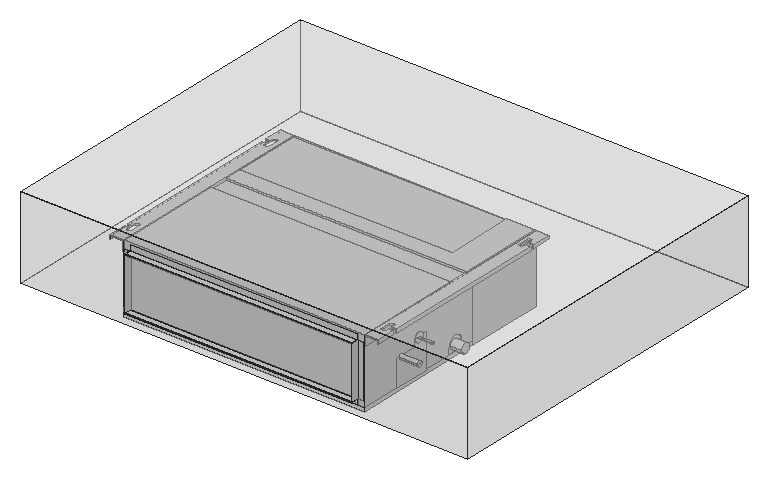
Revit family "outputfile", category 機械設備, Revit 2024
Family settings
  丸型コネクタ寸法 = 半径を使用
  パーツ タイプ = 標準
  OmniClass 番号 = 23.75.10.24.21.27.27
  OmniClass タイトル = Split System Air Conditioning Units
  作業面ベース = いいえ
  常に垂直 = はい
  ロード時にボイドで切り取り = いいえ
  注釈の向きを維持 = いいえ
  共有 = いいえ
  部屋計算ポイント = はい
Parameters (values of type "FXDQ20PDVET")
  Description = ""
  製造元 = "Daikin"
  書き出し IFC クラス(タイプ) = "IfcUnitaryEquipmentType"
  定義済み IFC タイプ(タイプ) = "AIRCONDITIONINGUNIT"
  Cost = 0
  モデル = "FXDQ20PDVET"
  Type Comments = ""
  Keynote = ""
  Type Image = (empty or 0)
  Assembly Code = ""
  w_pipe = 33.0 mm
  r_Liquid Pipe Size = Liquid Pipe Size / 2  # 3.2 mm
  r_Gas Pipe Size = Gas Pipe Size / 2  # 6.35 mm
  r_Drain Pipe Size = Drain Pipe Size / 2  # 10.0 mm
  lw_powersupply = 304.0 mm
  lh_suctionflange [instance] = if(Rear Connection_Return Air, 100.0 mm + [h***], 190.0 mm + [h***])  # 100.0 mm
  ld_suctionflange [instance] = if(Rear Connection_Return Air, 190.0 mm, 100.0 mm)  # 190.0 mm
  ld_powersupply = 60.0 mm
  angle_vertical_RA [instance] = if(Rear Connection_Return Air, 90.00°, 0.00°)  # 90.00°
  angle horizontal_RA [instance] = if(Rear Connection_Return Air, 180.00°, 270.00°)  # 180.00°
  Voltage_comment_60Hz = "220"
  Voltage_comment_50Hz = "220-240"
  Voltage_60Hz = 220 V
  Voltage_50Hz = 220 V
  URL = ""
  Supply Air Direction [instance] = yes
  Sound Power Level_H speed (dB) = 54
  Rear Connection_Return Air [instance] = not(Bottom Connection_Return Air)  # yes
  RA_length = 190.0 mm  # constant formula
  Phase_60Hz = 1
  Phase_50Hz = 1
  Minimum External Static Pressure = 10.00 Pa
  Minimum Circuit Amps_60Hz = 0.8 A
  Minimum Circuit Amps_50Hz = 0.7 A
  Maximum Fuse Amps_60Hz = 16.0 A
  Maximum Fuse Amps_50Hz = 16.0 A
  Maximum External Static Pressure = 30.00 Pa
  Material_Casing = DAIKIN_GalvanizedSteel_Casing_indoorunit
  lw_liquidpipe = 46.0 mm  # constant formula
  lw_gaspipe = 57.0 mm  # constant formula
  lw_mountinghole_pitch = 740.0 mm  # constant formula
  lw_mountinghole = 20.0 mm  # constant formula
  lw_drainpipe = 33.0 mm  # constant formula
  lh_powersupply = 10.0 mm
  lh_liquidpipe = 110.0 mm
  lh_gaspipe = 87.0 mm
  lh_mountinghole = Height + [h***]  # 200.0 mm
  lh_drainpipe = 30.0 mm
  lh_antena = 1.0 mm  # constant formula
  ld_liquidpipe = 193.0 mm  # constant formula
  ld_gaspipe = 130.0 mm  # constant formula
  ld_mountinghole_pitch = 500.0 mm  # constant formula
  ld_drainpipe = 280.0 mm
  ld_controlbox = 626.0 mm  # constant formula
  h*** = 0.0 mm  # constant formula
  d_dischargeflange = 21.2 mm  # constant formula
  Width = 700.0 mm
  Version = "ver.1.0"
  Unit Type = "Slim Duct (Standard) Type"
  Unit Mass Weight = 23.00 kg
  Unit Designation [instance] = ""
  Uniclass2015Version = "Products v1.30"
  Uniclass2015Title = "Variable refrigerant flow units"
  Uniclass2015Code = "Pr_70_65_03_94"
  Total Heating Capacity [instance] = 0.000 kW
  Total Cooling Capacity [instance] = 0.000 kW
  Sound Pressure Level_M speed (dBA) = 0
  Sound Pressure Level_L speed (dBA) = 23
  Sound Pressure Level_H speed (dBA) = 28
  Series = "VRV Fan Coil Unit"
  Sensible Cooling Capacity [instance] = 0.000 kW
  SA Duct Size Width = 660.0 mm
  SA Duct Size Height = 153.0 mm
  Refrigerant Type = "R410A"
  RA Duct Size Width = 600.0 mm
  RA Duct Size Height = 180.0 mm
  Power Input (Heating) = 0.067 kW
  Power Input (Cooling) = 0.067 kW
  Option Accessory 3 [instance] = ""
  Option Accessory 2 [instance] = ""
  Option Accessory 1 [instance] = ""
  Nominal Heating Capacity = 2.500 kW
  Nominal Cooling Capacity = 2.200 kW
  Minimum Airflow = 384.00 m³/h
  Median Airflow = 432.00 m³/h
  Maximum Airflow = 480.00 m³/h
  Load Classification = HVAC
  Liquid Pipe Size = 6.4 mm
  Link_Nested Family [instance] = ""
  IfcVersion = "0"
  IfcExportType = "AIRCONDITIONINGUNIT"
  IfcExportAs = "IfcUnitaryEquipmentType"
  Height = 200.0 mm
  Heating Entering Wet Bulb Temperature [instance] = 0.00 °C
  Heating Entering Dry Bulb Temperature [instance] = 0.00 °C
  Heating Ambient Wet Bulb Temperature [instance] = 0.00 °C
  Heating Ambient Dry Bulb Temperature [instance] = 0.00 °C
  Heat Exchanger Type = "Cross Fin Coil"
  Gas Pipe Size = 12.7 mm
  Frequency_60Hz = 60 Hz
  Frequency_50Hz = 50 Hz
  Fan Type = "Sirocco Fan"
  Fan Drive = "Direct Drive"
  FCU Tag No. [instance] = ""
  Drain Pipe Size = 20.0 mm
  Design Supply Airflow [instance] = 0.00 m³/h
  Design Return Airflow [instance] = 0.00 m³/h
  Design External Static Pressure [instance] = 0.00 Pa
  Depth = 620.0 mm
  既定の高さ = 0.0 mm
  Cooling Entering Wet Bulb Temperature [instance] = 0.00 °C
  Cooling Entering Dry Bulb Temperature [instance] = 0.00 °C
  Cooling Ambient Wet Bulb Temperature [instance] = 0.00 °C
  Cooling Ambient Dry Bulb Temperature [instance] = 0.00 °C
  Clearance visibility [instance] = yes
  Clearance Top = 20.0 mm
  Clearance Right = 300.0 mm
  Clearance Rear = 400.0 mm
  Clearance Left = 300.0 mm
  Clearance Front = 0.0 mm
  Clearance Bottom = 20.0 mm
  Bottom Connection_Return Air [instance] = no
Reference planes
  plane 1 "Center (Front/Back)": y = 0
  plane 2: z = 0
  plane 3 "Center (Left/Right)": x = 0
  plane 4 "Back": y = 310
  plane 5 "Front": y = -310
  plane 6 "Left": x = -350
  plane 7 "Right": x = 350
  plane 8 "Top": z = 0
  plane 9 "Bottom": z = -200
  plane 10: x = 330
  plane 11: x = -330
  plane 12: z = -190
  plane 13: z = -6
  plane 14: z = -22
  plane 15: z = -90
  plane 16: z = -113
  plane 17: x = -304
  plane 18: x = 304
  plane 19: x = -370
  plane 20: x = 370
  plane 21: y = -250
  plane 22: y = 250
  plane 23: x = -390
  plane 24: x = 390
  plane 25: x = 396
  plane 26: x = 407
  plane 27: x = 383
  plane 28: z = 0
  plane 29: z = -170
  plane 30 "Clearance Left": x = -650
  plane 31 "Clearance Right": x = 650
  plane 32 "Clearance Rear": y = 710
  plane 33 "Clearance Front": y = -310
  plane 34 "Clearance Top": z = 20
  plane 35 "Clearance Bottom": z = -220
  plane 36: z = -21
  plane 37: z = -170
  plane 38: z = -96.5
  plane 39: x = -40
  plane 40: y = -180
  plane 41: y = -117
  plane 42: y = -30
  plane 43: y = 20
  plane 44: z = -97.5
  plane 45: y = -309
  plane 46: x = -349
  plane 47: z = -100
  plane 48: z = -30
  plane 49: y = 210
  plane 50: z = 301
  plane 51: z = -199
  plane 52: y = 120
  plane 53: z = -101
  plane 54: x = 380
  plane 55: z = 11
  plane 56: z = 102.5
Forms (mm)
  Extrusion 1, solid
    sketch origin (0, 0, 0) x (1, 0, 0) y (0, 0, 1)
      loop
        line (-350, -190) -> (-350, -200) -> (350, -200) -> (350, -190) -> (-350, -190)
    from -84 to 310
  Extrusion 2, solid, material "DAIKIN_GalvanizedSteel_Casing_indoorunit" <- "Material_Casing"
    sketch origin (0, 0, 0) x (1, 0, 0) y (0, 1, 0)
      loop
        line (-350, -309) -> (350, -309) -> (350, 310) -> (-350, 310) -> (-350, -309)
    from -200 to 0
  Extrusion 3, void
    sketch origin (0, 0, 1) x (1, 0, 0) y (0, 1, 0)
      loop
        line (-350, 62.179) -> (-350, 4.179) -> (350, 4.179) -> (350, 62.179) -> (-350, 62.179)
    from -1 to -7
  Extrusion 4, void
    sketch origin (0, 0, 0) x (0, 1, 0) y (0, 0, 1)
      loop
        line (-5, -190) -> (45, -190) -> (45, -170)
        arc (45, -170) -> (20, -145) -> (-5, -170) r 25
        line (-5, -170) -> (-5, -190)
    from 350 to 345
  Revolve 5, solid, material "DAIKIN_GalvanizedSteel_Casing_indoorunit" <- "Material_Casing"
    sketch origin (0, 0, -113) x (0, -1, 0) y (1, 0, 0)
      loop
        line (173.65, 351) -> (180, 351) -> (180, 407) -> (173.65, 407) -> (173.65, 351)
      axis (180, 351) -> (180, 407)
    angle from 0 to 360
  Revolve 6, solid, material "DAIKIN_GalvanizedSteel_Casing_indoorunit" <- "Material_Casing"
    sketch origin (0, 0, -90) x (0, -1, 0) y (1, 0, 0)
      loop
        line (117, 351) -> (117, 396) -> (113.8, 396) -> (113.8, 351) -> (117, 351)
      axis (117, 396) -> (117, 351)
    angle from 0 to 360
  Extrusion 7, solid, material "DAIKIN_GalvanizedSteel_Casing_indoorunit" <- "Material_Casing"
    sketch origin (0, 0, 0) x (0, 1, 0) y (0, 0, 1)
      loop
        circle (-116, -90) r 12.7
    from 350 to 355.007
  Extrusion 8, solid, material "DAIKIN_GalvanizedSteel_Casing_indoorunit" <- "Material_Casing"
    sketch origin (0, 0, 0) x (0, 1, 0) y (0, 0, 1)
      loop
        circle (20, -170) r 13
    from 345 to 380
  Extrusion 9, solid, material "DAIKIN_GalvanizedSteel_Casing_indoorunit" <- "Material_Casing"
    sketch origin (0, 0, 0) x (1, 0, 0) y (0, 0, 1)
      loop
        line (-350, -190) -> (-350, -200) -> (350, -200) -> (350, -190) -> (-350, -190)
    from -84 to 310
  Extrusion 10, solid, material "DAIKIN_GalvanizedSteel_Casing_indoorunit" <- "Material_Casing", visible <- "Bottom Connection_Return Air"
    sketch origin (0, 0, 0) x (1, 0, 0) y (0, 0, 1)
      loop
        line (269, -200) -> (269, -1) -> (-349, -1) -> (-349, -200) -> (269, -200)
    from -310 to -309
  Extrusion 11, void
    sketch origin (0, 0, 0) x (1, 0, 0) y (0, 0, 1)
      loop
        line (269, 0) -> (-349, 0) -> (-349, -1) -> (269, -1) -> (269, 0)
    from -310 to -111
  Extrusion 12, solid, material "DAIKIN_GalvanizedSteel_Casing_indoorunit" <- "Material_Casing", visible <- "Rear Connection_Return Air"
    sketch origin (0, 0, 0) x (1, 0, 0) y (0, 1, 0)
      loop
        line (-349, 310) -> (-349, 111) -> (269, 111) -> (269, 310) -> (-349, 310)
    from -200 to -199
  Extrusion 13, solid, material "DAIKIN_GalvanizedSteel_Casing_indoorunit" <- "Material_Casing"
    sketch origin (0, 0, 0) x (0, 1, 0) y (0, 0, 1)
      loop
        line (-194, -113) -> (-194, -190) -> (-88.3, -190) -> (-88.3, -90) -> (-103.3, -90)
        arc (-103.3, -90) -> (-116, -102.7) -> (-128.7, -90) r 12.7
        line (-128.7, -90) -> (-128.7, -113) -> (-173.65, -113)
        arc (-173.65, -113) -> (-180, -119.35) -> (-186.35, -113) r 6.35
        line (-186.35, -113) -> (-194, -113)
    from 351 to 350
  Extrusion 14, solid, material "DAIKIN_GalvanizedSteel_Casing_indoorunit" <- "Material_Casing"
    sketch origin (0, 0, 0) x (0, 1, 0) y (0, 0, 1)
      loop
        line (84, -199) -> (310, -199) -> (310, -22) -> (91, -22) -> (84, -29) -> (84, -199)
    from 351 to 350
Cuts and joins
  Extrusion 3, Extrusion 4, Extrusion 11 cuts Extrusion 2
  Extrusion 4 cuts Extrusion 1
  Extrusion 11 cuts Extrusion 9
Dimensions and locks
  "lh_powersupply": plane 12 to plane 9 "Bottom"
  locked: plane 8 "Top" to plane 13 at 6
  "Height": plane 8 "Top" to plane 9 "Bottom"
  equal spacing: plane 17, plane 3 "Center (Left/Right)", plane 18, locked at 304 each
  locked: plane 17 to plane 18 at 608
  equal spacing: plane 19, plane 3 "Center (Left/Right)", plane 20, locked at 370 each
  "lw_mountinghole_pitch": plane 19 to plane 20
  locked: plane 14 to plane 9 "Bottom" at 178
  "lw_mountinghole": plane 23 to plane 19
  "lh_liquidpipe": plane 15 to plane 9 "Bottom"
  "lh_gaspipe": plane 16 to plane 9 "Bottom"
  "lh_mountinghole": plane 28 to plane 9 "Bottom"
  "ld_mountinghole_pitch": plane 22 to plane 21
  equal spacing: plane 6 "Left", plane 3 "Center (Left/Right)", plane 7 "Right", locked at 350 each
  "Width": plane 6 "Left" to plane 7 "Right"
  "lh_drainpipe": plane 29 to plane 9 "Bottom"
  "Clearance Right": plane 7 "Right" to plane 31 "Clearance Right"
  "Clearance Left": plane 30 "Clearance Left" to plane 6 "Left"
  "lw_gaspipe": plane 7 "Right" to plane 26
  "lw_liquidpipe": plane 7 "Right" to plane 25
  "lw_drainpipe": plane 7 "Right" to plane 27
  "Clearance Rear": plane 32 "Clearance Rear" to plane 4 "Back"
  "Clearance Front": plane 5 "Front" to plane 33 "Clearance Front"
  "Clearance Top": plane 34 "Clearance Top" to plane 8 "Top"
  "Clearance Bottom": plane 9 "Bottom" to plane 35 "Clearance Bottom"
  "ld_powersupply": plane 4 "Back" to plane 22
  "lw_powersupply": plane 3 "Center (Left/Right)" to plane 18
  locked: plane 8 "Top" to plane 36 at 21
  locked: plane 8 "Top" to plane 37 at 170
  locked: plane 40 to plane 41 at 63
  locked: plane 38 to plane 9 "Bottom" at 103.5
  locked: plane 36 to plane 44 at 76.5
  "Depth": plane 4 "Back" to plane 5 "Front"
  equal spacing: plane 4 "Back", plane 1 "Center (Front/Back)", plane 5 "Front"
  locked: plane 45 to plane 5 "Front" at 1
  locked: plane 46 to plane 6 "Left" at 1
  Extrusion 10 sketch curve to Extrusion 10 sketch curve = 199.0 mm
  locked: nested 12 to plane 39 at 300
  locked: plane 12 to plane 47 at 90
  plane 32 "Clearance Rear" to Extrusion 10 = 401.0 mm
  locked: plane 48 to plane 35 "Clearance Bottom" at 190
  locked: plane 49 to nested 13 at 90
  plane 50 to plane 28 = 301.0 mm
  locked: plane 51 to plane 9 "Bottom" at 1
  "ld_suctionflange": plane 4 "Back" to plane 52
  locked: plane 53 to plane 9 "Bottom" at 99
  locked: plane 54 to plane 7 "Right" at 30
  aligned and locked: level to plane 2
  aligned and locked: Extrusion 2 to plane 9 "Bottom"
  aligned and locked: plane 8 "Top" to Extrusion 2
  aligned and locked: Revolve 5 sketch curve to Revolve 5 sketch curve
  aligned and locked: plane 15 to Extrusion 7 sketch curve
  aligned and locked: cut or joined group of Extrusion 1, Extrusion 4 to plane 9 "Bottom"
  aligned and locked: plane 24 to nested 1
  aligned and locked: nested 1 to plane 23
  aligned and locked: plane 25 to nested 6
  aligned and locked: nested 6 to plane 15
  aligned and locked: nested 2 to plane 22
  aligned and locked: plane 20 to nested 2
  aligned and locked: plane 20 to nested 3
  aligned and locked: plane 19 to nested 4
  aligned and locked: plane 22 to nested 5
  aligned and locked: nested 5 to plane 22
  aligned and locked: plane 19 to nested 5
  aligned and locked: plane 22 to nested 11
  aligned and locked: plane 18 to nested 11  (x2)
  aligned and locked: nested 11 to plane 18
  aligned and locked: plane 4 "Back" to nested 11
  aligned and locked: cut or joined group of Extrusion 2, Extrusion 3, Extrusion 4, Extrusion 11 to nested 11
  aligned and locked: nested 11 to plane 12
  aligned and locked: plane 8 "Top" to nested 1
  aligned and locked: Extrusion 9 to plane 5 "Front"
  aligned and locked: Extrusion 9 to plane 9 "Bottom"
  aligned and locked: nested 7 to plane 16
  aligned and locked: plane 4 "Back" to nested 1
  aligned and locked: plane 40 to nested 7
  aligned and locked: plane 41 to nested 6
  aligned and locked: Extrusion 8 sketch curve to plane 43
  aligned and locked: nested 12 to plane 46
  aligned and locked: plane 4 "Back" to Extrusion 11
  aligned and locked: Extrusion 12 to nested 13
  aligned and locked: plane 8 "Top" to Extrusion 3
  aligned and locked: Extrusion 10 to cut or joined group of Extrusion 2, Extrusion 3, Extrusion 4, Extrusion 11
  aligned and locked: plane 9 "Bottom" to Extrusion 12  (x2)
  aligned and locked: Extrusion 12 to plane 51
  aligned and locked: plane 4 "Back" to nested 12
  aligned and locked: Extrusion 11 to level
  aligned and locked: plane 32 "Clearance Rear" to nested 14
  aligned and locked: plane 31 "Clearance Right" to nested 14
  aligned and locked: plane 30 "Clearance Left" to nested 14
  aligned and locked: nested 14 to plane 33 "Clearance Front"
  aligned and locked: nested 14 to plane 34 "Clearance Top"
  aligned and locked: nested 14 to plane 35 "Clearance Bottom"
  aligned and locked: plane 7 "Right" to Extrusion 13
  aligned and locked: plane 4 "Back" to Extrusion 14
  aligned and locked: Extrusion 14 to plane 51
  aligned and locked: plane 7 "Right" to Extrusion 14
  aligned and locked: Extrusion 13 to Revolve 5 sketch curve
  aligned and locked: Extrusion 3 to plane 13
  aligned and locked: plane 52 to nested 15
  aligned and locked: Extrusion 11 to nested 13
  aligned and locked: Extrusion 8 to plane 54
  aligned and locked: nested 8 to plane 54
  aligned and locked: plane 43 to nested 8
  aligned and locked: nested 8 to plane 37
  aligned and locked: nested 10 to plane 1 "Center (Front/Back)"
  aligned and locked: plane 46 to Extrusion 10
  aligned and locked: nested 12 to plane 51
  aligned and locked: plane 3 "Center (Left/Right)" to nested 10
  aligned and locked: plane 13 to nested 16
  aligned and locked: plane 45 to nested 16
  aligned and locked: plane 44 to nested 9
  aligned and locked: level to plane 8 "Top"
Automatic sketch dimensions
  Extrusion 1 sketch curve to plane 6 "Left" = 0.0 mm
  Extrusion 1 sketch curve to plane 7 "Right" = 0.0 mm
  Extrusion 1 sketch curve to plane 9 "Bottom" = 0.0 mm
  Extrusion 1 sketch curve to plane 12 = 0.0 mm
  Extrusion 2 sketch curve to plane 4 "Back" = 0.0 mm
  Extrusion 2 sketch curve to plane 6 "Left" = 0.0 mm
  Extrusion 2 sketch curve to plane 7 "Right" = 0.0 mm
  Extrusion 2 sketch curve to plane 45 = 0.0 mm
  Extrusion 3 sketch curve to plane 6 "Left" = 0.0 mm
  Extrusion 3 sketch curve to plane 7 "Right" = 0.0 mm
  Extrusion 3 sketch curve to plane 1 "Center (Front/Back)" = 4.179 mm
  plane 43 to Extrusion 3 sketch curve = 42.179 mm
  Extrusion 4 sketch curve to plane 37 = 0.0 mm
  Extrusion 4 sketch curve to plane 12 = 0.0 mm
  Extrusion 4 sketch curve to plane 43 = 0.0 mm
  plane 1 "Center (Front/Back)" to Extrusion 4 sketch curve = 5.0 mm
  Revolve 6 sketch curve to plane 25 = 0.0 mm  (x2)
  Revolve 6 sketch curve to plane 41 = 0.0 mm  (x2)
  plane 41 to Revolve 6 sketch curve = 3.2 mm
  plane 7 "Right" to Revolve 6 sketch curve = 1.0 mm
  Revolve 6 sketch curve to Revolve 6 sketch curve = 0.0 mm
  plane 41 to Extrusion 7 sketch curve = 1.0 mm
  Extrusion 8 sketch curve to plane 37 = 0.0 mm
  Extrusion 9 sketch curve to plane 6 "Left" = 0.0 mm
  Extrusion 9 sketch curve to plane 7 "Right" = 0.0 mm
  Extrusion 9 sketch curve to plane 9 "Bottom" = 0.0 mm
  Extrusion 9 sketch curve to plane 12 = 0.0 mm
  plane 46 to Extrusion 10 sketch curve = 0.0 mm
  Extrusion 10 sketch curve to plane 18 = 35.0 mm
  plane 46 to Extrusion 11 sketch curve = 0.0 mm
  Extrusion 11 sketch curve to plane 18 = 35.0 mm
  Extrusion 11 sketch curve to plane 8 "Top" = 1.0 mm
  Extrusion 12 sketch curve to plane 46 = 0.0 mm
  Extrusion 12 sketch curve to plane 4 "Back" = 0.0 mm
  Extrusion 12 sketch curve to plane 18 = 35.0 mm
  plane 43 to Extrusion 12 sketch curve = 91.0 mm
  plane 35 "Clearance Bottom" to Extrusion 11 sketch curve = 220.0 mm
  Extrusion 10 sketch curve to plane 51 = 1.0 mm
  Extrusion 13 sketch curve to plane 12 = 0.0 mm
  Extrusion 13 sketch curve to plane 16 = 0.0 mm
  Extrusion 13 sketch curve to plane 40 = 0.0 mm
  Extrusion 13 sketch curve to plane 15 = 0.0 mm
  Extrusion 13 sketch curve to Extrusion 13 sketch curve = 6.35 mm
  Extrusion 13 sketch curve to Extrusion 13 sketch curve = 7.65 mm
  Extrusion 13 sketch curve to plane 41 = 11.7 mm
  plane 41 to Extrusion 13 sketch curve = 1.0 mm
  Extrusion 13 sketch curve to Extrusion 13 sketch curve = 27.7 mm
  Extrusion 14 sketch curve to plane 51 = 0.0 mm
  Extrusion 14 sketch curve to plane 14 = 0.0 mm
  plane 48 to Extrusion 14 sketch curve = 1.0 mm
  plane 43 to Extrusion 14 sketch curve = 64.0 mm
  Extrusion 14 sketch curve to Extrusion 14 sketch curve = 7.0 mm
  Extrusion 14 sketch curve to plane 4 "Back" = 0.0 mm
  Revolve 5 sketch curve to plane 26 = 0.0 mm
  Revolve 5 sketch curve to plane 40 = 0.0 mm
  Revolve 5 sketch curve to Revolve 5 sketch curve = 1.003 mm  (x2)
  plane 40 to Revolve 5 sketch curve = 6.35 mm
  radius of Extrusion 7 sketch curve = 12.7 mm
  radius of Extrusion 8 sketch curve = 13.0 mm
Nested families
  nested 1: "daikin_hangerfixture_FXDQ-PDVET" at (0, 0.5, 0), type "daikin_hangerfixture_FXDQ-PDVET"
  nested 2: "daikin_mountinghole" at (370, 250, -200), l_antenna <- "lh_antena", Link_Nested Family <- "Link_Nested Family", h_mountinghole <- "lh_mountinghole", type "daikin_mountinghole"
    with show yes, l_antenna 1.0 mm, h_mountinghole 200.0 mm, Link_Nested Family ""
  nested 3: "daikin_mountinghole" at (370, -250, -200), Link_Nested Family <- "Link_Nested Family", l_antenna <- "lh_antena", h_mountinghole <- "lh_mountinghole", type "daikin_mountinghole"
    with show yes, l_antenna 1.0 mm, h_mountinghole 200.0 mm, Link_Nested Family ""
  nested 4: "daikin_mountinghole" at (-370, -250, -200), l_antenna <- "lh_antena", Link_Nested Family <- "Link_Nested Family", h_mountinghole <- "lh_mountinghole", type "daikin_mountinghole"
    with show yes, l_antenna 1.0 mm, h_mountinghole 200.0 mm, Link_Nested Family ""
  nested 5: "daikin_mountinghole" at (-370, 250, -200), l_antenna <- "lh_antena", Link_Nested Family <- "Link_Nested Family", h_mountinghole <- "lh_mountinghole", type "daikin_mountinghole"
    with show yes, l_antenna 1.0 mm, h_mountinghole 200.0 mm, Link_Nested Family ""
  nested 6: "daikin_connector_rotate2" at (350, -117, -90) x (0, 1, 0) z (0, 0, 1), length <- "lw_liquidpipe", built-in parameter 1001364 <- "lh_liquidpipe", radius <- "r_Liquid Pipe Size", type "daikin_connector_rotate2"
    with radius 3.2 mm, length 46.0 mm, angle_vertical 90.00°, show_face no
  nested 7: "daikin_connector_rotate2" at (350, -180, -113) x (0, 1, 0) z (0, 0, 1), length <- "lw_gaspipe", built-in parameter 1001364 <- "lh_gaspipe", radius <- "r_Gas Pipe Size", type "daikin_connector_rotate2"
    with radius 6.35 mm, length 57.0 mm, angle_vertical 90.00°, show_face no
  nested 8: "daikin_connector_rotate2" at (347, 20, -170) x (0, 1, 0) z (0, 0, 1), built-in parameter 1001364 <- "lh_drainpipe", length <- "lw_drainpipe", radius <- "r_Drain Pipe Size", type "daikin_connector_rotate2"
    with radius 10.0 mm, length 33.0 mm, angle_vertical 90.00°, show_face no
  nested 9: "daikin_connector_rotate2" at (0, -309, -97.5), length <- "d_dischargeflange", type "daikin_connector_rotate2"
    with radius 10.0 mm, length 21.2 mm, angle_vertical 90.00°, show_face no
  nested 10: "daikin_△_symbolicline" at (-75, -129.904, 200) x (-0.5, 0.866, 0) z (0, 0, 1), built-in parameter 1001364 <- "Height", visible <- "Supply Air Direction", type "daikin_△_symbolicline"
    with length 300.0 mm
  nested 11: "daikin_connector_rotate2" at (304, 250, -190) x (-1, 0, 0) z (0, 0, 1), built-in parameter 1001364 <- "lh_powersupply", length <- "ld_powersupply", type "daikin_connector_rotate2"
    with radius 10.0 mm, length 60.0 mm, angle_vertical 90.00°, show_face no
  nested 12: "daikin_ductflange_FXDQ-PDVET2" at (-40, 310, -100), visible <- "Rear Connection_Return Air", material <- "Material_Casing", type "daikin_ductflange_FXDQ-PDVET2"
    with width 620.0 mm, material DAIKIN_GalvanizedSteel_Casing_indoorunit, height 180.0 mm, depth 21.2 mm
  nested 13: "daikin_ductflange_FXDQ-PDVET2" at (-40, 210, -200) x (1, 0, 0) z (0, 1, 0), visible <- "Bottom Connection_Return Air", material <- "Material_Casing", type "daikin_ductflange_FXDQ-PDVET2"
    with width 620.0 mm, material DAIKIN_GalvanizedSteel_Casing_indoorunit, height 180.0 mm, depth 21.2 mm
  nested 14: "daikin_clearancespace" at (0, 200, -99.881), visible <- "Clearance visibility", show <- "Clearance visibility", Link_Nested Family <- "Link_Nested Family", type "daikin_clearancespace"
    with width 1300.0 mm, show yes, height 240.0 mm, depth 1020.0 mm, Link_Nested Family ""
  nested 15: "daikin_connector_rotate3" at (-40, 120, -100), built-in parameter 1001364 <- "lh_suctionflange", angle_vertical <- "angle_vertical_RA", angle_horizontal <- "angle horizontal_RA", length <- "RA_length", type "daikin_connector_rotate3"
    with show no, radius 10.0 mm, length 190.0 mm, angle_vertical 90.00°, angle_horizontal 180.00°
  nested 16: "daikin_ductflange_FXDQ-PDVET" at (0, 4.5, -364.201), type "daikin_ductflange_FXDQ-PDVET"
    with width 660.0 mm, material DAIKIN_GalvanizedSteel_Casing_indoorunit, height 155.0 mm, depth 21.2 mm
Connectors
  piping at (407, -180, -113), diameter 12.7, driven by "r_Gas Pipe Size"
    settings: on nested 7, index 1, connector inside diameter 609.6 mm, connector length 0.0 mm, flow factor 0, pipe flow 0.00 m³/h, pressure drop 0.0 Pa, fitting loss kfactor 0, connector angle 0.00°, fixture units 0, engagement length 0.0 mm, angle of deflection 0.00°, flow configuration 1, flow direction 2, fitting loss method 0, system type 29, joint type 0, gender type 0, connector reference index -1, connector utility 0, adjustable connector no, is connector primary yes, connector description "Refrigerant Gas Piping"
  piping at (396, -117, -90), diameter 6.4, driven by "r_Liquid Pipe Size"
    settings: on nested 6, index 2, connector inside diameter 609.6 mm, connector length 0.0 mm, flow factor 0, pipe flow 0.00 m³/h, pressure drop 0.0 Pa, fitting loss kfactor 0, connector angle 0.00°, fixture units 0, engagement length 0.0 mm, angle of deflection 0.00°, flow configuration 1, flow direction 1, fitting loss method 0, system type 29, joint type 0, gender type 0, connector reference index -1, connector utility 0, adjustable connector no, is connector primary no, connector description "Refrigerant Liquid Piping"
  piping at (380, 20, -170), diameter 20, driven by "r_Drain Pipe Size"
    settings: on nested 8, index 3, connector inside diameter 609.6 mm, connector length 0.0 mm, flow factor 0, pipe flow 0.00 m³/h, pressure drop 0.0 Pa, fitting loss kfactor 0, connector angle 0.00°, fixture units 0, engagement length 0.0 mm, angle of deflection 0.00°, flow configuration 1, flow direction 2, fitting loss method 4, system type 16, joint type 0, gender type 0, connector reference index -1, connector utility 0, adjustable connector no, is connector primary no, connector description "Condensate Drain Piping"
  hvac at (0, -330.2, -97.5), driven by "SA Duct Size Height", driven by "SA Duct Size Width"
    settings: on nested 9, index 7, duct flow 0.00 m³/h, flow factor 0, pres drop 0.00 Pa, loss coef 0, conn angle 0.00°, conn width 660.0 mm, conn height 153.0 mm, conn diameter 609.6 mm, duct sys type 1, conn prof type 1, flow config 0, flow direction 2, loss method 4, conn ref index -1, conn util no, is conn primary yes, conn desc "SA Duct"
  electrical at (304, 310, -190), driven by "Load Classification"
    settings: on nested 11, index 9, voltage 0 V, apparent load 0 VA, apparent load phase1 0 VA, apparent load phase2 0 VA, apparent load phase3 0 VA, power factor 1, load classification "HVAC", number of poles 1, system type 30, power factor state 1, is connector primary yes, connector utility no, sub classification motor no, connector description "Power Supply"
  hvac at (-40, 310, -100), driven by "RA Duct Size Height", driven by "RA Duct Size Width"
    settings: on nested 15, index 10, duct flow 0.00 m³/h, flow factor 0, pres drop 0.00 Pa, loss coef 0, conn angle 0.00°, conn width 600.0 mm, conn height 180.0 mm, conn diameter 609.6 mm, duct sys type 2, conn prof type 1, flow config 0, flow direction 1, loss method 4, conn ref index -1, conn util no, is conn primary no, conn desc "RA Duct"
Definition of nested family "daikin_hangerfixture_FXDQ-PDVET"
  Parameters (values of type "daikin_hangerfixture_FXDQ-PDVE")
    width = 48.0 mm
    material = none
    height = 65.0 mm
    depth = 619.0 mm
    Default Elevation = 0.0 mm
  Reference planes
    plane 1 "Center (Front/Back)": y = 0
    plane 2: z = 0
    plane 3 "Center (Left/Right)": x = 0
    plane 4: x = 350
    plane 5: y = 309.5
    plane 6: y = -309.5
  Forms (mm)
    Extrusion 1, solid, material <- "material"
      sketch origin (0, 0, 0) x (1, 0, 0) y (0, 0, 1)
        loop
          line (350, 0) -> (350, -30) -> (352.3, -30) -> (352.3, -2.3) -> (387.7, -2.3) -> (387.7, -10) -> (390, -10) -> (390, 0) -> (350, 0)
      from -309.5 to 309.5
    Extrusion 2, void
      sketch origin (0, 0, 0) x (0, 1, 0) y (0, 0, 1)
        loop
          line (309.5, -30) -> (309.5, -17.979) -> (87.935, -17.979) -> (75.914, -30) -> (309.5, -30)
      from 0 to 618
    Extrusion 3, void
      sketch origin (0, 0, 0) x (1, 0, 0) y (0, 1, 0)
        loop
          line (390, -244) -> (377, -244) -> (377, -237.5)
          arc (377, -237.5) -> (370, -230.5) -> (363, -237.5) r 7
          line (363, -237.5) -> (363, -263.5)
          arc (363, -263.5) -> (370, -270.5) -> (377, -263.5) r 7
          line (377, -263.5) -> (377, -257) -> (390, -257) -> (390, -244)
        loop
          line (390, 243) -> (390, 256) -> (377, 256) -> (377, 262.5)
          arc (377, 262.5) -> (370, 269.5) -> (363, 262.5) r 7
          line (363, 262.5) -> (363, 236.5)
          arc (363, 236.5) -> (370, 229.5) -> (377, 236.5) r 7
          line (377, 236.5) -> (377, 243) -> (390, 243)
      from -254.96 to 618
    Extrusion 4, solid, material <- "material"
      sketch origin (0, 0, 0) x (-1, 0, 0) y (0, 0, -1)
        loop
          line (350, 0) -> (390, 0) -> (390, 10) -> (387.7, 10) -> (387.7, 2.3) -> (352.3, 2.3) -> (352.3, 30) -> (350, 30) -> (350, 0)
      from -309.5 to 309.5
    Extrusion 5, void
      sketch origin (0, 0, 0) x (-1, 0, 0) y (0, -1, 0)
        loop
          line (390, 244) -> (390, 257) -> (377, 257) -> (377, 263.5)
          arc (377, 263.5) -> (370, 270.5) -> (363, 263.5) r 7
          line (363, 263.5) -> (363, 237.5)
          arc (363, 237.5) -> (370, 230.5) -> (377, 237.5) r 7
          line (377, 237.5) -> (377, 244) -> (390, 244)
        loop
          line (390, -243) -> (377, -243) -> (377, -236.5)
          arc (377, -236.5) -> (370, -229.5) -> (363, -236.5) r 7
          line (363, -236.5) -> (363, -262.5)
          arc (363, -262.5) -> (370, -269.5) -> (377, -262.5) r 7
          line (377, -262.5) -> (377, -256) -> (390, -256) -> (390, -243)
      from -254.96 to 618
  Cuts and joins
    Extrusion 2, Extrusion 3, Extrusion 5 cuts Extrusion 1
    Extrusion 5 cuts Extrusion 4
  Dimensions and locks
    locked: plane 4 to plane 3 "Center (Left/Right)" at 350
    equal spacing: plane 5, plane 1 "Center (Front/Back)", plane 6
    "depth": plane 5 to plane 6
    locked: plane 3 "Center (Left/Right)" to plane 4 at 350
    plane 6 to plane 1 "Center (Front/Back)" to plane 5 = 309.5 mm, 309.5 mm
    aligned and locked: level to plane 2
    aligned and locked: plane 5 to Extrusion 1
    aligned and locked: Extrusion 1 to plane 6
    aligned and locked: Extrusion 1 to plane 4
    aligned and locked: plane 5 to cut or joined group of Extrusion 1, Extrusion 2, Extrusion 3, Extrusion 5
    aligned and locked: cut or joined group of Extrusion 1, Extrusion 2, Extrusion 3, Extrusion 5 to plane 6
    aligned and locked: level to cut or joined group of Extrusion 1, Extrusion 2, Extrusion 3, Extrusion 5
    aligned and locked: plane 5 to cut or joined group of Extrusion 4, Extrusion 5
    aligned and locked: cut or joined group of Extrusion 4, Extrusion 5 to plane 6
  Automatic sketch dimensions
    Extrusion 1 sketch curve to plane 4 = 0.0 mm
    Extrusion 1 sketch curve to level = 0.0 mm
    plane 4 to Extrusion 1 sketch curve = 2.3 mm
    Extrusion 1 sketch curve to level = 2.3 mm
    Extrusion 1 sketch curve to Extrusion 1 sketch curve = 35.4 mm
    Extrusion 1 sketch curve to Extrusion 1 sketch curve = 2.3 mm
    Extrusion 1 sketch curve to Extrusion 1 sketch curve = 7.7 mm
    Extrusion 1 sketch curve to Extrusion 1 sketch curve = 27.7 mm
    Extrusion 2 sketch curve to plane 5 = 0.0 mm
    Extrusion 2 sketch curve to level = 17.979 mm
    Extrusion 2 sketch curve to plane 1 "Center (Front/Back)" = 87.935 mm
    Extrusion 2 sketch curve to level = 30.0 mm
    Extrusion 2 sketch curve to Extrusion 2 sketch curve = 12.021 mm
    plane 4 to Extrusion 3 sketch curve = 13.0 mm  (x2)
    Extrusion 3 sketch curve to Extrusion 3 sketch curve = 7.0 mm  (x4)
    Extrusion 3 sketch curve to Extrusion 3 sketch curve = 13.0 mm  (x4)
    plane 6 to Extrusion 3 sketch curve = 46.0 mm
    Extrusion 3 sketch curve to Extrusion 3 sketch curve = 6.5 mm  (x4)
    Extrusion 3 sketch curve to plane 5 = 73.0 mm
    Extrusion 4 sketch curve to level = 0.0 mm
    Extrusion 4 sketch curve to level = 30.0 mm
    Extrusion 4 sketch curve to plane 3 "Center (Left/Right)" = 350.0 mm
    Extrusion 4 sketch curve to Extrusion 4 sketch curve = 2.3 mm  (x2)
    Extrusion 4 sketch curve to level = 2.3 mm
    Extrusion 4 sketch curve to Extrusion 4 sketch curve = 35.4 mm
    Extrusion 4 sketch curve to Extrusion 4 sketch curve = 7.7 mm
    Extrusion 5 sketch curve to plane 5 = 73.0 mm
    Extrusion 5 sketch curve to plane 3 "Center (Left/Right)" = 363.0 mm  (x2)
    plane 6 to Extrusion 5 sketch curve = 72.0 mm
    Extrusion 5 sketch curve to Extrusion 5 sketch curve = 7.0 mm  (x4)
    Extrusion 5 sketch curve to Extrusion 5 sketch curve = 13.0 mm  (x4)
    Extrusion 5 sketch curve to Extrusion 5 sketch curve = 6.5 mm  (x4)
Definition of nested family "daikin_ductflange_FXDQ-PDVET2"
  Parameters (values of type "daikin_ductflange_FXDQ-PDVE2")
    width [instance] = 620.0 mm
    material [instance] = none
    height [instance] = 180.0 mm
    depth [instance] = 21.2 mm
    Default Elevation = 0.0 mm
  Reference planes
    plane 1 "Center (Front/Back)": y = 0
    plane 2: z = 0
    plane 3 "Center (Left/Right)": x = 0
    plane 4: y = -313.5
    plane 5: y = -334.7
    plane 6: x = -310
    plane 7: x = 310
    plane 8: z = 90
    plane 9: z = -90
    plane 10: z = 100
    plane 11: z = -100
    plane 12: x = -309
    plane 13: x = 309
  Forms (mm)
    Extrusion 1, solid, material <- "material"
      sketch origin (0, 0, 0) x (1, 0, 0) y (0, 0, 1)
        loop
          line (-300, 90) -> (-300, -90) -> (300, -90) -> (300, 90) -> (-300, 90)
        loop
          line (-309, -99) -> (309, -99) -> (309, 99) -> (-309, 99) -> (-309, -99)
      from 0 to 1
  Dimensions and locks
    plane 4 to plane 1 "Center (Front/Back)" = 313.5 mm
    "depth": plane 5 to plane 4
    equal spacing: plane 7, plane 3 "Center (Left/Right)", plane 6, locked at 310 each
    "width": plane 7 to plane 6
    equal spacing: plane 8, level, plane 9, locked at 90 each
    "height": plane 8 to plane 9
    equal spacing: plane 10, level, plane 11, locked at 100 each
    locked: plane 10 to plane 11 at 200
    plane 12 to plane 6 = 1.0 mm
    locked: plane 7 to plane 13 at 1
    locked: Extrusion 1 sketch curve to Extrusion 1 sketch curve at 9  (x4)
    locked: plane 10 to Extrusion 1 sketch curve at 1
    locked: Extrusion 1 sketch curve to plane 11 at 1
    aligned and locked: level to plane 2
  Automatic sketch dimensions
    plane 6 to Extrusion 1 sketch curve = 1.0 mm
    Extrusion 1 sketch curve to plane 7 = 1.0 mm
Definition of nested family "daikin_clearancespace"
  Parameters (values of type "daikin_clearancespace")
    width [instance] = 1823.963 mm
    show [instance] = yes
    material = none
    height [instance] = 1359.762 mm
    depth [instance] = 880.0 mm
    Default Elevation = 0.0 mm
    Link_Nested Family [instance] = ""
  Reference planes
    plane 1 "Center (Front/Back)": y = 0
    plane 2 "Center (Elevation)": z = -0.119
    plane 3 "Center (Left/Right)": x = 0
    plane 4: y = 440
    plane 5: y = -440
    plane 6 "Right": x = 911.982
    plane 7 "Left": x = -911.982
    plane 8 "Top": z = 679.762
    plane 9 "Bottom": z = -680
  Forms (mm)
    Extrusion 1, solid, material <- "material", visible <- "show"
      sketch origin (0, 0, 0) x (1, 0, 0) y (0, 1, 0)
        loop
          line (-911.982, 440) -> (-911.982, -440) -> (911.982, -440) -> (911.982, 440) -> (-911.982, 440)
      from -680 to 679.762
  Lines and regions (mm)
    symbolic lines, visible <- "show"
      curve 1: line (911.982, 440, 0) -> (-911.982, 440, 0)
      curve 2: line (-911.982, 440, 0) -> (-911.982, -440, 0)
      curve 3: line (-911.982, -440, 0) -> (911.982, -440, 0)
      curve 4: line (911.982, -440, 0) -> (911.982, 440, 0)
      curve 5: line (911.982, 0, 679.762) -> (-911.982, 0, 679.762)
      curve 6: line (911.982, 0, -680) -> (911.982, 0, 679.762)
      curve 7: line (-911.982, 0, -680) -> (911.982, 0, -680)
      curve 8: line (-911.982, 0, 679.762) -> (-911.982, 0, -680)
      curve 9: line (0, 440, 679.762) -> (0, -440, 679.762)
      curve 10: line (0, -440, 679.762) -> (0, -440, -680)
      curve 11: line (0, 440, -680) -> (0, 440, 679.762)
      curve 12: line (0, -440, -680) -> (0, 440, -680)
  Dimensions and locks
    "width": plane 7 "Left" to plane 6 "Right"
    "depth": plane 4 to plane 5
    "height": plane 8 "Top" to plane 9 "Bottom"
    equal spacing: plane 7 "Left", plane 3 "Center (Left/Right)", plane 6 "Right"
    equal spacing: plane 4, plane 1 "Center (Front/Back)", plane 5
    equal spacing: plane 8 "Top", plane 2 "Center (Elevation)", plane 9 "Bottom"
    aligned and locked: level to plane 2 "Center (Elevation)"
    aligned and locked: Extrusion 1 sketch curve to plane 4
    aligned and locked: plane 7 "Left" to Extrusion 1 sketch curve
    aligned and locked: Extrusion 1 sketch curve to plane 5
    aligned and locked: Extrusion 1 sketch curve to plane 6 "Right"
    aligned and locked: plane 8 "Top" to Extrusion 1
    aligned and locked: curve 1 to Extrusion 1
    aligned and locked: curve 2 to Extrusion 1
    aligned and locked: curve 3 to Extrusion 1
    aligned and locked: curve 4 to Extrusion 1
    aligned and locked: curve 5 to Extrusion 1
    aligned and locked: curve 6 to Extrusion 1
    aligned and locked: curve 7 to Extrusion 1
    aligned and locked: curve 8 to Extrusion 1
    aligned and locked: curve 9 to Extrusion 1
    aligned and locked: curve 10 to Extrusion 1
    aligned and locked: curve 11 to Extrusion 1
    aligned and locked: curve 12 to Extrusion 1
    aligned and locked: Extrusion 1 to plane 9 "Bottom"
Definition of nested family "daikin_ductflange_FXDQ-PDVET"
  Parameters (values of type "daikin_ductflange_FXDQ-PDVET")
    width [instance] = 660.0 mm
    material [instance] = none
    height [instance] = 155.0 mm
    depth [instance] = 21.2 mm
    Default Elevation = 0.0 mm
  Reference planes
    plane 1 "Center (Front/Back)": y = 0
    plane 2: z = 189.201
    plane 3 "Center (Left/Right)": x = 0
    plane 4: y = -313.5
    plane 5: x = -330
    plane 6: x = 330
    plane 7: y = -334.7
    plane 8: z = 344.201
    plane 9: z = 266.701
    plane 10: z = 343.201
    plane 11: z = 190.201
  Forms (mm)
    Extrusion 1, solid, material <- "material"
      sketch origin (0, 0, 189.201) x (1, 0, 0) y (0, 1, 0)
        loop
          line (-330, -334.7) -> (-330, -313.5) -> (-348, -313.5) -> (-348, -314.5) -> (-331, -314.5) -> (-331, -334.7) -> (-330, -334.7)
        loop
          line (330, -334.7) -> (331, -334.7) -> (331, -314.5) -> (348, -314.5) -> (348, -313.5) -> (330, -313.5) -> (330, -334.7)
      from 1 to 154
    Extrusion 2, solid, material <- "material"
      sketch origin (0, 0, 0) x (0, 1, 0) y (0, 0, 1)
        loop
          line (-313.5, 343.201) -> (-313.5, 358.201) -> (-314.5, 358.201) -> (-314.5, 344.201) -> (-334.7, 344.201) -> (-334.7, 343.201) -> (-313.5, 343.201)
        loop
          line (-313.5, 190.201) -> (-334.7, 190.201) -> (-334.7, 189.201) -> (-314.5, 189.201) -> (-314.5, 175.201) -> (-313.5, 175.201) -> (-313.5, 190.201)
      from -330 to 330
  Dimensions and locks
    plane 4 to plane 1 "Center (Front/Back)" = 313.5 mm
    "depth": plane 7 to plane 4
    equal spacing: plane 8, plane 9, level
    "height": plane 8 to level
    equal spacing: plane 6, plane 3 "Center (Left/Right)", plane 5, locked at 330 each
    "width": plane 6 to plane 5
    plane 5 to plane 6 = 660.0 mm
    locked: Extrusion 1 sketch curve to Extrusion 1 sketch curve at 660
    locked: plane 8 to plane 10 at 1
    locked: plane 11 to level at 1
    locked: Extrusion 1 to Extrusion 2 sketch curve at 1
    locked: Extrusion 2 sketch curve to Extrusion 1 at 1
    locked: Extrusion 1 sketch curve to Extrusion 1 sketch curve at 1  (x2)
    aligned and locked: level to plane 2
    aligned and locked: plane 4 to Extrusion 1  (x2)
    aligned and locked: plane 5 to Extrusion 1
    aligned and locked: Extrusion 1 to plane 7  (x2)
    aligned and locked: Extrusion 1 to plane 6
    aligned and locked: Extrusion 1 to plane 10
    aligned and locked: Extrusion 1 to plane 11
    aligned and locked: plane 10 to Extrusion 1
    aligned and locked: plane 11 to Extrusion 1
    aligned and locked: Extrusion 2 to plane 5
    aligned and locked: plane 5 to Extrusion 2
    aligned and locked: plane 6 to Extrusion 2
    aligned and locked: Extrusion 2 to plane 6
    aligned and locked: Extrusion 2 to plane 11
    aligned and locked: Extrusion 2 to plane 10
  Automatic sketch dimensions
    Extrusion 1 sketch curve to plane 4 = 0.0 mm  (x2)
    Extrusion 1 sketch curve to plane 7 = 0.0 mm  (x2)
    Extrusion 1 sketch curve to plane 5 = 0.0 mm
    Extrusion 1 sketch curve to plane 5 = 1.0 mm
    Extrusion 1 sketch curve to Extrusion 1 sketch curve = 17.0 mm  (x2)
    plane 6 to Extrusion 1 sketch curve = 1.0 mm
    Extrusion 2 sketch curve to plane 7 = 0.0 mm  (x2)
    Extrusion 2 sketch curve to plane 4 = 0.0 mm  (x2)
    Extrusion 2 sketch curve to plane 11 = 0.0 mm
    Extrusion 2 sketch curve to plane 10 = 0.0 mm
    Extrusion 2 sketch curve to plane 4 = 1.0 mm  (x2)
    Extrusion 2 sketch curve to level = 14.0 mm
    plane 8 to Extrusion 2 sketch curve = 14.0 mm
Definition of nested family "daikin_mountinghole"
  Parameters (values of type "daikin_mountinghole")
    Default Elevation = 1219.2 mm
    Type Comments = "mountinghole"
    show [instance] = yes
    material = none
    l_centerline = 100.0 mm
    l_antenna [instance] = 100.0 mm
    h_mountinghole [instance] = 0.0 mm
    d_circle = 30.0 mm
    Link_Nested Family [instance] = ""
  Reference planes
    plane 1 "Center (Front/Back)": y = 0
    plane 2: z = 0
    plane 3 "Center (Left/Right)": x = 0
    plane 4: y = 50
    plane 5: x = -50
    plane 6: x = 50
    plane 7: y = -50
    plane 8 "h_mountinghole": z = 0
    plane 9: z = 100
  Lines and regions (mm)
    model lines, detail levels fine
      curve 1: circle (0, 0, 0) r 15 normal (0, 0, 1)
      curve 2: line (-50, 0, 0) -> (50, 0, 0)
      curve 3: line (0, 50, 0) -> (0, -50, 0)
    symbolic lines, detail levels fine
      curve 4: circle (0, 0, 0) r 15 normal (0, 0, 1)
      curve 5: line (-50, 0, 0) -> (50, 0, 0)
      curve 6: line (0, 50, 0) -> (0, -50, 0)
    model lines
      curve 7: line (0, 0, 100) -> (0, 0, 0)
  Dimensions and locks
    equal spacing: plane 4, plane 1 "Center (Front/Back)", plane 7
    "l_centerline": plane 4 to plane 7
    equal spacing: plane 5, plane 3 "Center (Left/Right)", plane 6
    "l_centerline": plane 5 to plane 6
    "l_antenna": plane 9 to plane 8 "h_mountinghole"
    "h_mountinghole": plane 8 "h_mountinghole" to plane 2
    "d_circle": diameter of curve 1
    "d_circle": diameter of curve 4
    aligned and locked: level to plane 2
    aligned and locked: plane 1 "Center (Front/Back)" to curve 1
    aligned and locked: plane 3 "Center (Left/Right)" to curve 1
    aligned and locked: plane 1 "Center (Front/Back)" to curve 2
    aligned and locked: curve 3 to plane 3 "Center (Left/Right)"
    aligned and locked: plane 6 to curve 2
    aligned and locked: plane 5 to curve 2
    aligned and locked: plane 4 to curve 3
    aligned and locked: plane 7 to curve 3
    aligned and locked: plane 1 "Center (Front/Back)" to curve 4
    aligned and locked: plane 3 "Center (Left/Right)" to curve 4
    aligned and locked: plane 6 to curve 5
    aligned and locked: plane 5 to curve 5
    aligned and locked: plane 1 "Center (Front/Back)" to curve 5
    aligned and locked: plane 4 to curve 6
    aligned and locked: plane 7 to curve 6
    aligned and locked: curve 6 to plane 3 "Center (Left/Right)"
    aligned and locked: curve 7 to plane 3 "Center (Left/Right)"
    aligned and locked: plane 9 to curve 7
    aligned and locked: plane 8 "h_mountinghole" to curve 7
Definition of nested family "daikin_connector_rotate2"
  Parameters (values of type "daikin_connector_rotate2")
    show_face = yes
    radius [instance] = 10.0 mm
    length [instance] = 600.0 mm
    d_surface = 10.0 mm
    angle_vertical [instance] = 90.00°
    Default Elevation = 0.0 mm
  Reference planes
    plane 1 "Center (Front/Back)": y = 0
    plane 2: z = 0
    plane 3 "Center (Left/Right)": x = 0
  Forms (mm)
    Extrusion 1, solid, visible <- "show_face"
      sketch origin (0, -600, 0) x (1, 0, 0) y (0, 0, 1)
        loop
          circle (0, 0) r 10
      from 0 to -10
  Lines and regions (mm)
    reference lines
      curve 1: line (0, 0, 0) -> (0, -600, 0)
    symbolic lines
      curve 2: circle (0, 0, 0) r 5 normal (0, 0, 1)
    model lines, visible <- "show_face"
      curve 3: line (0, 0, 0) -> (0, -600, 0)
  Dimensions and locks
    "length": curve 1 to curve 1
    "length": curve 3 to curve 3
    "d_surface": Extrusion 1 to Extrusion 1
    "radius": radius of Extrusion 1 sketch curve
    "angle_vertical": angle curve 1 to plane 1 "Center (Front/Back)"
    "angle_vertical": angle curve 3 to plane 1 "Center (Front/Back)"
    aligned and locked: level to plane 2
    aligned and locked: plane 1 "Center (Front/Back)" to curve 1
    aligned and locked: plane 2 to curve 1
    aligned and locked: plane 1 "Center (Front/Back)" to curve 2
    aligned and locked: plane 3 "Center (Left/Right)" to curve 2
    aligned and locked: plane 1 "Center (Front/Back)" to curve 3
    aligned and locked: plane 2 to curve 3
    aligned and locked: Extrusion 1 to Extrusion 1
  Automatic sketch dimensions
    Extrusion 1 sketch curve to level = 0.0 mm
    Extrusion 1 sketch curve to plane 3 "Center (Left/Right)" = 0.0 mm
    radius of curve 2 = 5.0 mm
Definition of nested family "daikin_△_symbolicline"
  Parameters (values of type "daikin_△_symbolicline")
    length [instance] = 500.0 mm
    Default Elevation = 0.0 mm
  Reference planes
    plane 1 "Center (Front/Back)": y = 0
    plane 2: z = 0
    plane 3 "Center (Left/Right)": x = 0
  Lines and regions (mm)
    symbolic lines
      curve 1: line (0, -433.013, 0) -> (250, 0, 0)
      curve 2: line (250, 0, 0) -> (-250, 0, 0)
      curve 3: line (-250, 0, 0) -> (0, -433.013, 0)
  Dimensions and locks
    equal spacing: curve 3, plane 3 "Center (Left/Right)", curve 2
    "length": curve 3 to curve 2
    "length": curve 3 to curve 3
    "length": curve 1 to curve 1
    aligned and locked: level to plane 2
    aligned and locked: curve 2 to plane 1 "Center (Front/Back)"
    aligned and locked: plane 3 "Center (Left/Right)" to curve 3
Definition of nested family "daikin_connector_rotate3"
  Parameters (values of type "daikin_connector_rotate3")
    Default Elevation = 1219.2 mm
    show [instance] = yes
    radius [instance] = 10.0 mm
    length [instance] = 600.0 mm
    angle_horizontal [instance] = 60.00°
    angle_vertical [instance] = 90.00°
  Reference planes
    plane 1 "Center (Front/Back)": y = 0
    plane 2: z = 0
    plane 3 "Center (Left/Right)": x = 0
  Dimensions and locks
    "angle_horizontal": angle plane 3 "Center (Left/Right)" to nested 1
    aligned and locked: level to plane 2
    aligned and locked: plane 1 "Center (Front/Back)" to nested 1  (x2)
    aligned and locked: plane 3 "Center (Left/Right)" to nested 1
  Nested families
    nested 1: "daikin_connector_rotate2" at (0, 0, 0) x (0.5, 0.866, 0) z (0, 0, 1), angle_vertical <- "angle_vertical", length <- "length", radius <- "radius", type "daikin_connector_rotate2"
      with radius 10.0 mm, length 600.0 mm, angle_vertical 90.00°
  Definition of nested family "daikin_connector_rotate2"
    Parameters (values of type "daikin_connector_rotate2")
      show_face = yes
      radius [instance] = 10.0 mm
      length [instance] = 600.0 mm
      d_surface = 10.0 mm
      angle_vertical [instance] = 90.00°
      Default Elevation = 0.0 mm
    Reference planes
      plane 1 "Center (Front/Back)": y = 0
      plane 2: z = 0
      plane 3 "Center (Left/Right)": x = 0
    Forms (mm)
      Extrusion 1, solid, visible <- "show_face"
        sketch origin (0, -600, 0) x (1, 0, 0) y (0, 0, 1)
          loop
            circle (0, 0) r 10
        from 0 to -10
    Lines and regions (mm)
      reference lines
        curve 1: line (0, 0, 0) -> (0, -600, 0)
      symbolic lines
        curve 2: circle (0, 0, 0) r 5 normal (0, 0, 1)
      model lines, visible <- "show_face"
        curve 3: line (0, 0, 0) -> (0, -600, 0)
    Dimensions and locks
      "length": curve 1 to curve 1
      "length": curve 3 to curve 3
      "d_surface": Extrusion 1 to Extrusion 1
      "radius": radius of Extrusion 1 sketch curve
      "angle_vertical": angle curve 1 to plane 1 "Center (Front/Back)"
      "angle_vertical": angle curve 3 to plane 1 "Center (Front/Back)"
      aligned and locked: level to plane 2
      aligned and locked: plane 1 "Center (Front/Back)" to curve 1
      aligned and locked: plane 2 to curve 1
      aligned and locked: plane 1 "Center (Front/Back)" to curve 2
      aligned and locked: plane 3 "Center (Left/Right)" to curve 2
      aligned and locked: plane 1 "Center (Front/Back)" to curve 3
      aligned and locked: plane 2 to curve 3
      aligned and locked: Extrusion 1 to Extrusion 1
    Automatic sketch dimensions
      Extrusion 1 sketch curve to level = 0.0 mm
      Extrusion 1 sketch curve to plane 3 "Center (Left/Right)" = 0.0 mm
      radius of curve 2 = 5.0 mm
